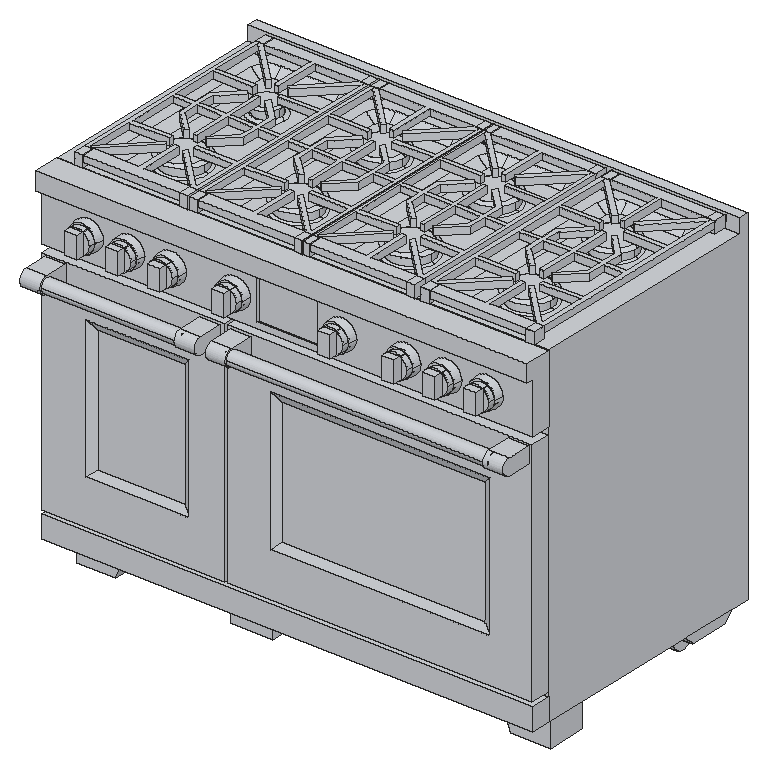
Revit family "DF48850_S_P", category Generic Models, Revit 2020
Family settings
  Can host rebar = No
  Round Connector Dimension = Use Diameter
  Part Type = Normal
  Work Plane-Based = No
  Always vertical = Yes
  Cut with Voids When Loaded = No
  Shared = No
  Room Calculation Point = No
Parameters
  Default Elevation = 0' - 0"
Reference planes (in)
  plane 1 "Center (Front/Back)": y = 0
  plane 2: z = 0
  plane 3 "Center (Left/Right)": x = 0
Forms (in)
  Extrusion 1, solid
    sketch origin (0, 0, 0) x (0, 1, 0) y (0, 0, 1)
      loop
        line (1.88976, 35.59055) -> (-0.70866, 35.59055) -> (-0.70866, 33.89764) -> (0, 33.89764) -> (0, 28.9252) -> (1.88976, 28.9252) -> (1.88976, 35.59055)
    from 0 to 47.87401
  Extrusion 2, solid
    sketch origin (0, 0, 0) x (0, 1, 0) y (0, 0, 1)
      loop
        line (26.14173, 36.9685) -> (25.15748, 36.9685) -> (25.15748, 35.59055) -> (1.9685, 35.59055) -> (1.9685, 3.14961) -> (26.14173, 3.14961) -> (26.14173, 36.9685)
    from 0 to 47.87401
  Extrusion 3, solid
    sketch origin (0, 0, 0) x (0, 1, 0) y (0, 0, 1)
      loop
        line (1.9685, 5.31496) -> (0, 5.31496) -> (0, 3.14961) -> (1.9685, 3.14961) -> (1.9685, 5.31496)
    from 0 to 47.87401
  Extrusion 4, solid
    sketch origin (0, 0, 0) x (0, 1, 0) y (0, 0, 1)
      loop
        line (0, 28.18898) -> (0, 5.70866) -> (1.9685, 5.70866) -> (1.9685, 28.18898) -> (0, 28.18898)
    from 0 to 17.79528
  Extrusion 5, solid
    sketch origin (0, 0, 0) x (0, 1, 0) y (0, 0, 1)
      loop
        line (0, 26.41732) -> (0, 27.99213) -> (-2.3622, 27.99213)
        arc (-2.3622, 27.99213) -> (-3.14961, 27.20472) -> (-2.3622, 26.41732) r 0.7874
        line (-2.3622, 26.41732) -> (0, 26.41732)
    from 0.40557 to 2.36419
  Extrusion 6, solid
    sketch origin (26.75, 0, 0) x (0, 1, 0) y (0, 0, 1)
      loop
        line (0, 26.41732) -> (0, 27.99213) -> (-2.3622, 27.99213)
        arc (-2.3622, 27.99213) -> (-3.14961, 27.20472) -> (-2.3622, 26.41732) r 0.7874
        line (-2.3622, 26.41732) -> (0, 26.41732)
    from -11.31693 to -9.35529
  Extrusion 7, solid
    sketch origin (0, 0, 0) x (0, 1, 0) y (0, 0, 1)
      loop
        circle (-2.41707, 27.24489) r 0.66649
    from 1.8261 to 15.89362
  Extrusion 8, solid
    sketch origin (0, 0, 0) x (1, 0, 0) y (0, 0, 1)
      loop
        line (0.84646, 3.14961) -> (0.84646, 0) -> (4.66535, 0) -> (5.90551, 3.14961) -> (0.84646, 3.14961)
    from -7.02923 to -3.18791
  Extrusion 9, solid
    sketch origin (17.99213, 0, 0) x (1, 0, 0) y (0, 0, 1)
      loop
        line (23.97638, 3.14961) -> (25.21654, 0) -> (29.03543, 0) -> (29.03543, 3.14961) -> (23.97638, 3.14961)
    from -7.02923 to -3.18791
  Extrusion 10, solid
    sketch origin (0, 0, 0) x (0, 1, 0) y (0, 0, 1)
      loop
        line (24.17323, 3.14961) -> (18.66142, 3.14961) -> (19.45248, 2.27893) -> (23.38927, 2.27893) -> (24.17323, 3.14961)
    from 0 to 4.72441
  Extrusion 11, solid
    sketch origin (0, 0, 0) x (0, 1, 0) y (0, 0, 1)
      loop
        line (22.5954, 2.27893) -> (20.23924, 2.27893) -> (21.02362, 1.10236) -> (21.81102, 1.10236) -> (22.5954, 2.27893)
    from 1.5748 to 3.93701
  Extrusion 12, solid
    sketch origin (0, 0, 0) x (0, 1, 0) y (0, 0, 1)
      loop
        circle (21.41732, 1.10236) r 1.1236
    from 2.55906 to 2.95276
  Extrusion 13, solid
    sketch origin (43.14961, 0, 0) x (0, 1, 0) y (0, 0, 1)
      loop
        line (24.17323, 3.14961) -> (18.66142, 3.14961) -> (19.45248, 2.27893) -> (23.38927, 2.27893) -> (24.17323, 3.14961)
    from 0 to 4.72441
  Extrusion 14, solid
    sketch origin (42.36522, 0, 0) x (0, 1, 0) y (0, 0, 1)
      loop
        line (22.5954, 2.27893) -> (20.23924, 2.27893) -> (21.02362, 1.10236) -> (21.81102, 1.10236) -> (22.5954, 2.27893)
    from 1.5748 to 3.93701
  Extrusion 15, solid
    sketch origin (42.36522, 0, 0) x (0, 1, 0) y (0, 0, 1)
      loop
        circle (21.41732, 1.10236) r 1.1236
    from 2.55906 to 2.95276
  Blend 16, solid
    base sketch origin (0.90551, 0, 0) x (1, 0, 0) y (0, 0, 1)
      loop
        circle (3.62205, 31.31299) r 1.45314
    top sketch origin (0.90551, 0, 0) x (1, 0, 0) y (0, 0, 1)
      loop
        circle (3.62205, 31.31299) r 1.33532
    from 0 to 0.7874
  Extrusion 17, solid
    sketch origin (0.90551, 0, 0) x (1, 0, 0) y (0, 0, 1)
      loop
        circle (3.62205, 31.31299) r 1.21601
    from 0 to 1.37795
  Extrusion 18, solid
    sketch origin (0.90551, 0, 0) x (1, 0, 0) y (0, 0, 1)
      loop
        line (3.0315, 32.37598) -> (3.0315, 30.29013) -> (4.2126, 30.29013) -> (4.2126, 32.37598) -> (3.0315, 32.37598)
    from 0 to 2.15573
  Blend 19, solid, not visible
    base sketch origin (0, 0, 0) x (1, 0, 0) y (0, 0, 1)
      loop
        circle (3.62205, 31.31299) r 1.45314
    top sketch origin (0, 0, 0) x (1, 0, 0) y (0, 0, 1)
      loop
        circle (3.62205, 31.31299) r 1.33532
    from 0 to 0.7874
  Extrusion 20, solid, not visible
    sketch origin (0, 0, 0) x (1, 0, 0) y (0, 0, 1)
      loop
        circle (3.62205, 31.31299) r 1.21601
    from 0 to 1.37795
  Extrusion 21, solid, not visible
    sketch origin (0, 0, 0) x (1, 0, 0) y (0, 0, 1)
      loop
        line (3.0315, 32.37598) -> (3.0315, 30.29013) -> (4.2126, 30.29013) -> (4.2126, 32.37598) -> (3.0315, 32.37598)
    from 0 to 2.15573
  Blend 22, solid
    base sketch origin (4.92126, 0, 0) x (1, 0, 0) y (0, 0, 1)
      loop
        circle (3.62205, 31.31299) r 1.45314
    top sketch origin (4.92126, 0, 0) x (1, 0, 0) y (0, 0, 1)
      loop
        circle (3.62205, 31.31299) r 1.33532
    from 0 to 0.7874
  Extrusion 23, solid
    sketch origin (4.92126, 0, 0) x (1, 0, 0) y (0, 0, 1)
      loop
        circle (3.62205, 31.31299) r 1.21601
    from 0 to 1.37795
  Extrusion 24, solid
    sketch origin (4.92126, 0, 0) x (1, 0, 0) y (0, 0, 1)
      loop
        line (3.0315, 32.37598) -> (3.0315, 30.29013) -> (4.2126, 30.29013) -> (4.2126, 32.37598) -> (3.0315, 32.37598)
    from 0 to 2.15573
  Blend 25, solid
    base sketch origin (9.00306, 0, 0) x (1, 0, 0) y (0, 0, 1)
      loop
        circle (3.62205, 31.31299) r 1.45314
    top sketch origin (9.00306, 0, 0) x (1, 0, 0) y (0, 0, 1)
      loop
        circle (3.62205, 31.31299) r 1.33532
    from 0 to 0.7874
  Extrusion 26, solid
    sketch origin (9.00306, 0, 0) x (1, 0, 0) y (0, 0, 1)
      loop
        circle (3.62205, 31.31299) r 1.21601
    from 0 to 1.37795
  Extrusion 27, solid
    sketch origin (9.00306, 0, 0) x (1, 0, 0) y (0, 0, 1)
      loop
        line (3.0315, 32.37598) -> (3.0315, 30.29013) -> (4.2126, 30.29013) -> (4.2126, 32.37598) -> (3.0315, 32.37598)
    from 0 to 2.15573
  Blend 28, solid
    base sketch origin (15.23622, 0, 0) x (1, 0, 0) y (0, 0, 1)
      loop
        circle (3.62205, 31.31299) r 1.45314
    top sketch origin (15.23622, 0, 0) x (1, 0, 0) y (0, 0, 1)
      loop
        circle (3.62205, 31.31299) r 1.33532
    from 0 to 0.7874
  Extrusion 29, solid
    sketch origin (15.23622, 0, 0) x (1, 0, 0) y (0, 0, 1)
      loop
        circle (3.62205, 31.31299) r 1.21601
    from 0 to 1.37795
  Extrusion 30, solid
    sketch origin (15.23622, 0, 0) x (1, 0, 0) y (0, 0, 1)
      loop
        line (3.0315, 32.37598) -> (3.0315, 30.29013) -> (4.2126, 30.29013) -> (4.2126, 32.37598) -> (3.0315, 32.37598)
    from 0 to 2.15573
  Blend 31, solid
    base sketch origin (25.59072, 0, 0) x (1, 0, 0) y (0, 0, 1)
      loop
        circle (3.62205, 31.31299) r 1.45314
    top sketch origin (25.59072, 0, 0) x (1, 0, 0) y (0, 0, 1)
      loop
        circle (3.62205, 31.31299) r 1.33532
    from 0 to 0.7874
  Extrusion 32, solid
    sketch origin (25.59072, 0, 0) x (1, 0, 0) y (0, 0, 1)
      loop
        circle (3.62205, 31.31299) r 1.21601
    from 0 to 1.37795
  Extrusion 33, solid
    sketch origin (25.59072, 0, 0) x (1, 0, 0) y (0, 0, 1)
      loop
        line (3.0315, 32.37598) -> (3.0315, 30.29013) -> (4.2126, 30.29013) -> (4.2126, 32.37598) -> (3.0315, 32.37598)
    from 0 to 2.15573
  Extrusion 34, void
    sketch origin (0, 0, 0) x (1, 0, 0) y (0, 0, 1)
      loop
        line (26.89068, 33.47638) -> (20.99005, 33.47638) -> (20.99005, 29.46063) -> (26.89068, 29.46063) -> (26.89068, 33.47638)
    from -0.22861 to 12
  Blend 35, void
    base sketch origin (0, 0, 0) x (1, 0, 0) y (0, 0, 1)
      loop
        line (5.09843, 23.05118) -> (5.09843, 10.84646) -> (13.58268, 10.84646) -> (13.58268, 23.05118) -> (5.09843, 23.05118)
    top sketch origin (0, 0, 0) x (1, 0, 0) y (0, 0, 1)
      loop
        line (14.37008, 23.83858) -> (4.31102, 23.83858) -> (4.31102, 10.05905) -> (14.37008, 10.05905) -> (14.37008, 23.83858)
    from -0.3937 to 0
  Blend 36, void
    base sketch origin (0.17716, 0, 0) x (1, 0, 0) y (0, 1, 0)
      loop
        arc (4.14855, 22.95276) -> (3.56747, 22.71206) -> (3.32677, 22.13098) r 0.82178
        line (3.32677, 22.13098) -> (3.32677, 4.8769)
        arc (3.32677, 4.8769) -> (3.56747, 4.29581) -> (4.14855, 4.05512) r 0.82178
        line (4.14855, 4.05512) -> (9.98531, 4.05512)
        arc (9.98531, 4.05512) -> (10.56639, 4.29581) -> (10.80709, 4.8769) r 0.82178
        line (10.80709, 4.8769) -> (10.80709, 22.13098)
        arc (10.80709, 22.13098) -> (10.56639, 22.71206) -> (9.98531, 22.95276) r 0.82178
        line (9.98531, 22.95276) -> (4.14855, 22.95276)
    top sketch origin (0.17716, 0, 0) x (1, 0, 0) y (0, 1, 0)
      loop
        arc (4.12346, 23.74016) -> (2.98272, 23.26764) -> (2.5102, 22.1269) r 1.61326
        line (2.5102, 22.1269) -> (2.5102, 4.8769)
        arc (2.5102, 4.8769) -> (2.98101, 3.74026) -> (4.11765, 3.26945) r 1.60744
        line (4.11765, 3.26945) -> (10.0306, 3.26945)
        arc (10.0306, 3.26945) -> (11.13644, 3.7275) -> (11.59449, 4.83334) r 1.56388
        line (11.59449, 4.83334) -> (11.59449, 22.13098)
        arc (11.59449, 22.13098) -> (11.12317, 23.26884) -> (9.98531, 23.74016) r 1.60918
        line (9.98531, 23.74016) -> (4.12346, 23.74016)
    from 34.80848 to 35.59055
  Extrusion 37, solid
    sketch origin (0.17716, 0, 0) x (1, 0, 0) y (0, 1, 0)
      loop
        line (1.55512, 25.15748) -> (1.55512, 1.88976) -> (12.57874, 1.88976) -> (12.57874, 25.15748) -> (1.55512, 25.15748)
      loop
        line (2.22659, 23.93701) -> (6.25887, 19.90473) -> (5.97639, 19.62225) -> (1.94342, 23.65522) -> (1.94342, 18.58268) -> (5.88583, 18.58268) -> (5.88583, 18.18898) -> (1.94342, 18.18898) -> (1.94342, 13.70079) -> (3.91732, 13.70079) -> (3.91732, 15.35713) -> (5.94192, 17.38172) -> (6.22031, 17.10333) -> (4.31102, 15.19405) -> (4.31102, 13.70079) -> (6.87008, 13.70079) -> (6.87008, 17.27886) -> (7.26545, 17.27886) -> (7.26545, 13.70079) -> (9.82036, 13.70079) -> (9.82036, 15.19738) -> (7.91548, 17.10225) -> (8.19345, 17.38021) -> (10.21654, 15.35713) -> (10.21654, 13.70079) -> (12.18504, 13.70079) -> (12.18504, 18.18898) -> (8.24803, 18.18898) -> (8.24803, 18.58268) -> (12.18504, 18.58268) -> (12.18504, 23.65908) -> (8.15161, 19.62565) -> (7.86344, 19.91382) -> (11.88664, 23.93701) -> (7.26378, 23.93701) -> (7.26378, 19.6063) -> (6.87008, 19.6063) -> (6.87008, 23.93701) -> (2.22659, 23.93701)
      loop
        line (9.82036, 11.79288) -> (9.82036, 13.30709) -> (7.26545, 13.30709) -> (7.26545, 9.74409) -> (6.87008, 9.74409) -> (6.87008, 13.30709) -> (4.31102, 13.30709) -> (4.31102, 11.81382) -> (6.22187, 9.90297) -> (5.94348, 9.62459) -> (3.91732, 11.65075) -> (3.91732, 13.31073) -> (1.94342, 13.31073) -> (1.94342, 8.38583) -> (5.88583, 8.38583) -> (5.88583, 7.99213) -> (1.94342, 7.99213) -> (1.94342, 3.37305) -> (5.97438, 7.40401) -> (6.26736, 7.11102) -> (2.22655, 3.07021) -> (6.86986, 3.07021) -> (6.86986, 7.40401) -> (7.26545, 7.40401) -> (7.26545, 3.07021) -> (11.90457, 3.07021) -> (7.84812, 7.12666) -> (8.11918, 7.39772) -> (12.18504, 3.33186) -> (12.18504, 7.99213) -> (8.24803, 7.99213) -> (8.24803, 8.38583) -> (12.18504, 8.38583) -> (12.18504, 13.30709) -> (10.21654, 13.30709) -> (10.21654, 11.65075) -> (8.19038, 9.62459) -> (7.92122, 9.89374) -> (9.82036, 11.79288)
    from 36.10253 to 36.77165
  Extrusion 38, solid
    sketch origin (0.17716, 0, 0) x (1, 0, 0) y (0, 1, 0)
      loop
        line (11.79134, 3.07021) -> (11.79134, 1.88976) -> (12.57874, 1.88976) -> (12.57874, 3.07021) -> (11.79134, 3.07021)
      loop
        line (12.57874, 25.11811) -> (11.79134, 25.11811) -> (11.79134, 23.93701) -> (12.57874, 23.93701) -> (12.57874, 25.11811)
      loop
        line (1.55512, 25.11811) -> (1.55512, 23.93701) -> (2.34252, 23.93701) -> (2.34252, 25.11811) -> (1.55512, 25.11811)
      loop
        line (2.34252, 3.07021) -> (1.55512, 3.07021) -> (1.55512, 1.88976) -> (2.34252, 1.88976) -> (2.34252, 3.07021)
    from 35.59055 to 36.77165
  Extrusion 39, solid
    sketch origin (33.91732, 0, 0) x (1, 0, 0) y (0, 1, 0)
      loop
        line (1.55512, 25.15748) -> (1.55512, 1.88976) -> (12.57874, 1.88976) -> (12.57874, 25.15748) -> (1.55512, 25.15748)
      loop
        line (2.22659, 23.93701) -> (6.25887, 19.90473) -> (5.97639, 19.62225) -> (1.94342, 23.65522) -> (1.94342, 18.58268) -> (5.88583, 18.58268) -> (5.88583, 18.18898) -> (1.94342, 18.18898) -> (1.94342, 13.70079) -> (3.91732, 13.70079) -> (3.91732, 15.35713) -> (5.94192, 17.38172) -> (6.22031, 17.10333) -> (4.31102, 15.19405) -> (4.31102, 13.70079) -> (6.87008, 13.70079) -> (6.87008, 17.27886) -> (7.26545, 17.27886) -> (7.26545, 13.70079) -> (9.82036, 13.70079) -> (9.82036, 15.19738) -> (7.91548, 17.10225) -> (8.19345, 17.38021) -> (10.21654, 15.35713) -> (10.21654, 13.70079) -> (12.18504, 13.70079) -> (12.18504, 18.18898) -> (8.24803, 18.18898) -> (8.24803, 18.58268) -> (12.18504, 18.58268) -> (12.18504, 23.65908) -> (8.15161, 19.62565) -> (7.86344, 19.91382) -> (11.88664, 23.93701) -> (7.26378, 23.93701) -> (7.26378, 19.6063) -> (6.87008, 19.6063) -> (6.87008, 23.93701) -> (2.22659, 23.93701)
      loop
        line (9.82036, 11.79288) -> (9.82036, 13.30709) -> (7.26545, 13.30709) -> (7.26545, 9.74409) -> (6.87008, 9.74409) -> (6.87008, 13.30709) -> (4.31102, 13.30709) -> (4.31102, 11.81382) -> (6.22187, 9.90297) -> (5.94348, 9.62459) -> (3.91732, 11.65075) -> (3.91732, 13.31073) -> (1.94342, 13.31073) -> (1.94342, 8.38583) -> (5.88583, 8.38583) -> (5.88583, 7.99213) -> (1.94342, 7.99213) -> (1.94342, 3.37305) -> (5.97438, 7.40401) -> (6.26736, 7.11102) -> (2.22655, 3.07021) -> (6.86986, 3.07021) -> (6.86986, 7.40401) -> (7.26545, 7.40401) -> (7.26545, 3.07021) -> (11.90457, 3.07021) -> (7.84812, 7.12666) -> (8.11918, 7.39772) -> (12.18504, 3.33186) -> (12.18504, 7.99213) -> (8.24803, 7.99213) -> (8.24803, 8.38583) -> (12.18504, 8.38583) -> (12.18504, 13.30709) -> (10.21654, 13.30709) -> (10.21654, 11.65075) -> (8.19038, 9.62459) -> (7.92122, 9.89374) -> (9.82036, 11.79288)
    from 36.10253 to 36.77165
  Extrusion 40, solid
    sketch origin (33.91732, 0, 0) x (1, 0, 0) y (0, 1, 0)
      loop
        line (11.79134, 3.07021) -> (11.79134, 1.88976) -> (12.57874, 1.88976) -> (12.57874, 3.07021) -> (11.79134, 3.07021)
      loop
        line (12.57874, 25.11811) -> (11.79134, 25.11811) -> (11.79134, 23.93701) -> (12.57874, 23.93701) -> (12.57874, 25.11811)
      loop
        line (1.55512, 25.11811) -> (1.55512, 23.93701) -> (2.34252, 23.93701) -> (2.34252, 25.11811) -> (1.55512, 25.11811)
      loop
        line (2.34252, 3.07021) -> (1.55512, 3.07021) -> (1.55512, 1.88976) -> (2.34252, 1.88976) -> (2.34252, 3.07021)
    from 35.59055 to 36.77165
  Blend 41, solid
    base sketch origin (0.17716, 0, 0) x (1, 0, 0) y (0, 1, 0)
      loop
        circle (7.09071, 18.35456) r 1.75898
    top sketch origin (0.17716, 0, 0) x (1, 0, 0) y (0, 1, 0)
      loop
        circle (7.09071, 18.35456) r 1.42487
    from 34.80848 to 34.99711
  Blend 42, solid
    base sketch origin (0.17716, -10.19685, 0) x (1, 0, 0) y (0, 1, 0)
      loop
        circle (7.09071, 18.35456) r 2.38325
    top sketch origin (0.17716, -10.19685, 0) x (1, 0, 0) y (0, 1, 0)
      loop
        circle (7.09071, 18.35456) r 2
    from 34.80848 to 34.99711
  Extrusion 43, solid
    sketch origin (0.17716, 0, 0) x (1, 0, 0) y (0, 1, 0)
      loop
        circle (7.10752, 18.34098) r 1.28657
    from 34.80848 to 35.7874
  Extrusion 44, solid
    sketch origin (0.17716, -10.19685, 0) x (1, 0, 0) y (0, 1, 0)
      loop
        circle (7.10752, 18.34098) r 2.08832
    from 34.80848 to 35.7874
  Blend 45, solid
    base sketch origin (0.17716, 0, 0.97892) x (1, 0, 0) y (0, 1, 0)
      loop
        circle (7.09071, 18.35456) r 1.42487
    top sketch origin (0.17716, 0, 0.97892) x (1, 0, 0) y (0, 1, 0)
      loop
        circle (7.09071, 18.35456) r 1.25
    from 34.80848 to 34.99711
  Blend 46, solid
    base sketch origin (0.17716, -10.19685, 0.97892) x (1, 0, 0) y (0, 1, 0)
      loop
        circle (7.09071, 18.35456) r 2.38325
    top sketch origin (0.17716, -10.19685, 0.97892) x (1, 0, 0) y (0, 1, 0)
      loop
        circle (7.09071, 18.35456) r 2
    from 34.80848 to 34.99711
  Blend 47, solid
    base sketch origin (33.91732, 0, 0) x (1, 0, 0) y (0, 1, 0)
      loop
        circle (7.09071, 18.35456) r 2.38325
    top sketch origin (33.91732, 0, 0) x (1, 0, 0) y (0, 1, 0)
      loop
        circle (7.09071, 18.35456) r 2
    from 34.80848 to 34.99711
  Extrusion 48, solid
    sketch origin (33.91732, 0, 0) x (1, 0, 0) y (0, 1, 0)
      loop
        circle (7.10752, 18.34098) r 2.08832
    from 34.80848 to 35.7874
  Blend 49, solid
    base sketch origin (33.91732, 0, 0.97892) x (1, 0, 0) y (0, 1, 0)
      loop
        circle (7.09071, 18.35456) r 2.38325
    top sketch origin (33.91732, 0, 0.97892) x (1, 0, 0) y (0, 1, 0)
      loop
        circle (7.09071, 18.35456) r 2
    from 34.80848 to 34.99711
  Blend 50, solid
    base sketch origin (33.91732, -10.19685, 0) x (1, 0, 0) y (0, 1, 0)
      loop
        circle (7.09071, 18.35456) r 2.38325
    top sketch origin (33.91732, -10.19685, 0) x (1, 0, 0) y (0, 1, 0)
      loop
        circle (7.09071, 18.35456) r 2
    from 34.80848 to 34.99711
  Extrusion 51, solid
    sketch origin (33.91732, -10.19685, 0) x (1, 0, 0) y (0, 1, 0)
      loop
        circle (7.10752, 18.34098) r 2.08832
    from 34.80848 to 35.7874
  Blend 52, solid
    base sketch origin (33.91732, -10.19685, 0.97892) x (1, 0, 0) y (0, 1, 0)
      loop
        circle (7.09071, 18.35456) r 2.38325
    top sketch origin (33.91732, -10.19685, 0.97892) x (1, 0, 0) y (0, 1, 0)
      loop
        circle (7.09071, 18.35456) r 2
    from 34.80848 to 34.99711
  Extrusion 53, solid
    sketch origin (15.82677, 0, 0) x (0, 1, 0) y (0, 0, 1)
      loop
        line (24.17323, 3.14961) -> (18.66142, 3.14961) -> (19.45248, 2.27893) -> (23.38927, 2.27893) -> (24.17323, 3.14961)
    from -0.7874 to 4.72441
  Extrusion 54, solid
    sketch origin (15.03937, 0, 0) x (0, 1, 0) y (0, 0, 1)
      loop
        line (22.5954, 2.27893) -> (20.23924, 2.27893) -> (21.02362, 1.10236) -> (21.81102, 1.10236) -> (22.5954, 2.27893)
    from 1.5748 to 3.93701
  Extrusion 55, solid
    sketch origin (15.03937, 0, 0) x (0, 1, 0) y (0, 0, 1)
      loop
        circle (21.41732, 1.10236) r 1.1236
    from 2.55906 to 2.95276
  Extrusion 56, solid
    sketch origin (0, 0, 0) x (1, 0, 0) y (0, 0, 1)
      loop
        line (15.82677, 0) -> (19.96063, 0) -> (19.96063, 3.14961) -> (15.82677, 3.14961) -> (15.82677, 0)
    from -7.02923 to -3.18791
  Extrusion 57, solid
    sketch origin (30, 0, 0) x (0, 1, 0) y (0, 0, 1)
      loop
        line (0, 28.18898) -> (0, 5.70866) -> (1.9685, 5.70866) -> (1.9685, 28.18898) -> (0, 28.18898)
    from -11.88976 to 17.79528
  Blend 58, void
    base sketch origin (30, 0, 0) x (1, 0, 0) y (0, 0, 1)
      loop
        line (-6.90945, 23.05118) -> (-6.90945, 10.84646) -> (12.8937, 10.84646) -> (12.8937, 23.05118) -> (-6.90945, 23.05118)
    top sketch origin (30, 0, 0) x (1, 0, 0) y (0, 0, 1)
      loop
        line (13.6811, 23.83858) -> (-7.69685, 23.83858) -> (-7.69685, 10.05905) -> (13.6811, 10.05905) -> (13.6811, 23.83858)
    from -0.3937 to 0
  Extrusion 59, solid
    sketch origin (30.06421, 0, 0) x (0, 1, 0) y (0, 0, 1)
      loop
        line (0, 26.41732) -> (0, 27.99213) -> (-2.3622, 27.99213)
        arc (-2.3622, 27.99213) -> (-3.14961, 27.20472) -> (-2.3622, 26.41732) r 0.7874
        line (-2.3622, 26.41732) -> (0, 26.41732)
    from -11.59142 to -9.6695
  Extrusion 60, solid
    sketch origin (56.81421, 0, 0) x (0, 1, 0) y (0, 0, 1)
      loop
        line (0, 26.41732) -> (0, 27.99213) -> (-2.3622, 27.99213)
        arc (-2.3622, 27.99213) -> (-3.14961, 27.20472) -> (-2.3622, 26.41732) r 0.7874
        line (-2.3622, 26.41732) -> (0, 26.41732)
    from -11.31693 to -9.35529
  Extrusion 61, solid
    sketch origin (30.06421, 0, 0) x (0, 1, 0) y (0, 0, 1)
      loop
        circle (-2.41707, 27.24489) r 0.66649
    from -9.85108 to 15.89362
  Blend 62, solid
    base sketch origin (31.84072, 0, 0) x (1, 0, 0) y (0, 0, 1)
      loop
        circle (3.62205, 31.31299) r 1.45314
    top sketch origin (31.84072, 0, 0) x (1, 0, 0) y (0, 0, 1)
      loop
        circle (3.62205, 31.31299) r 1.33532
    from 0 to 0.7874
  Extrusion 63, solid
    sketch origin (31.84072, 0, 0) x (1, 0, 0) y (0, 0, 1)
      loop
        circle (3.62205, 31.31299) r 1.21601
    from 0 to 1.37795
  Extrusion 64, solid
    sketch origin (31.84072, 0, 0) x (1, 0, 0) y (0, 0, 1)
      loop
        line (3.0315, 32.37598) -> (3.0315, 30.29013) -> (4.2126, 30.29013) -> (4.2126, 32.37598) -> (3.0315, 32.37598)
    from 0 to 2.15573
  Blend 65, solid
    base sketch origin (35.84072, 0, 0) x (1, 0, 0) y (0, 0, 1)
      loop
        circle (3.62205, 31.31299) r 1.45314
    top sketch origin (35.84072, 0, 0) x (1, 0, 0) y (0, 0, 1)
      loop
        circle (3.62205, 31.31299) r 1.33532
    from 0 to 0.7874
  Extrusion 66, solid
    sketch origin (35.84072, 0, 0) x (1, 0, 0) y (0, 0, 1)
      loop
        circle (3.62205, 31.31299) r 1.21601
    from 0 to 1.37795
  Extrusion 67, solid
    sketch origin (35.84072, 0, 0) x (1, 0, 0) y (0, 0, 1)
      loop
        line (3.0315, 32.37598) -> (3.0315, 30.29013) -> (4.2126, 30.29013) -> (4.2126, 32.37598) -> (3.0315, 32.37598)
    from 0 to 2.15573
  Blend 68, solid
    base sketch origin (39.84072, 0, 0) x (1, 0, 0) y (0, 0, 1)
      loop
        circle (3.62205, 31.31299) r 1.45314
    top sketch origin (39.84072, 0, 0) x (1, 0, 0) y (0, 0, 1)
      loop
        circle (3.62205, 31.31299) r 1.33532
    from 0 to 0.7874
  Extrusion 69, solid
    sketch origin (39.84072, 0, 0) x (1, 0, 0) y (0, 0, 1)
      loop
        circle (3.62205, 31.31299) r 1.21601
    from 0 to 1.37795
  Extrusion 70, solid
    sketch origin (39.84072, 0, 0) x (1, 0, 0) y (0, 0, 1)
      loop
        line (3.0315, 32.37598) -> (3.0315, 30.29013) -> (4.2126, 30.29013) -> (4.2126, 32.37598) -> (3.0315, 32.37598)
    from 0 to 2.15573
  Blend 71, void
    base sketch origin (33.91732, 0, 0) x (1, 0, 0) y (0, 1, 0)
      loop
        arc (4.14855, 22.95276) -> (3.56747, 22.71206) -> (3.32677, 22.13098) r 0.82178
        line (3.32677, 22.13098) -> (3.32677, 4.8769)
        arc (3.32677, 4.8769) -> (3.56747, 4.29581) -> (4.14855, 4.05512) r 0.82178
        line (4.14855, 4.05512) -> (9.98531, 4.05512)
        arc (9.98531, 4.05512) -> (10.56639, 4.29581) -> (10.80709, 4.8769) r 0.82178
        line (10.80709, 4.8769) -> (10.80709, 22.13098)
        arc (10.80709, 22.13098) -> (10.56639, 22.71206) -> (9.98531, 22.95276) r 0.82178
        line (9.98531, 22.95276) -> (4.14855, 22.95276)
    top sketch origin (33.91732, 0, 0) x (1, 0, 0) y (0, 1, 0)
      loop
        arc (4.12346, 23.74016) -> (2.98272, 23.26764) -> (2.5102, 22.1269) r 1.61326
        line (2.5102, 22.1269) -> (2.5102, 4.8769)
        arc (2.5102, 4.8769) -> (2.98101, 3.74026) -> (4.11765, 3.26945) r 1.60744
        line (4.11765, 3.26945) -> (10.0306, 3.26945)
        arc (10.0306, 3.26945) -> (11.13644, 3.7275) -> (11.59449, 4.83334) r 1.56388
        line (11.59449, 4.83334) -> (11.59449, 22.13098)
        arc (11.59449, 22.13098) -> (11.12317, 23.26884) -> (9.98531, 23.74016) r 1.60918
        line (9.98531, 23.74016) -> (4.12346, 23.74016)
    from 34.80848 to 35.59055
  Blend 72, void, not visible
    base sketch origin (-0.55118, 0, 0) x (1, 0, 0) y (0, 1, 0)
      loop
        arc (4.14855, 22.95276) -> (3.56747, 22.71206) -> (3.32677, 22.13098) r 0.82178
        line (3.32677, 22.13098) -> (3.32677, 4.8769)
        arc (3.32677, 4.8769) -> (3.56747, 4.29581) -> (4.14855, 4.05512) r 0.82178
        line (4.14855, 4.05512) -> (9.98531, 4.05512)
        arc (9.98531, 4.05512) -> (10.56639, 4.29581) -> (10.80709, 4.8769) r 0.82178
        line (10.80709, 4.8769) -> (10.80709, 22.13098)
        arc (10.80709, 22.13098) -> (10.56639, 22.71206) -> (9.98531, 22.95276) r 0.82178
        line (9.98531, 22.95276) -> (4.14855, 22.95276)
    top sketch origin (-0.55118, 0, 0) x (1, 0, 0) y (0, 1, 0)
      loop
        arc (4.12346, 23.74016) -> (2.98272, 23.26764) -> (2.5102, 22.1269) r 1.61326
        line (2.5102, 22.1269) -> (2.5102, 4.8769)
        arc (2.5102, 4.8769) -> (2.98101, 3.74026) -> (4.11765, 3.26945) r 1.60744
        line (4.11765, 3.26945) -> (10.0306, 3.26945)
        arc (10.0306, 3.26945) -> (11.13644, 3.7275) -> (11.59449, 4.83334) r 1.56388
        line (11.59449, 4.83334) -> (11.59449, 22.13098)
        arc (11.59449, 22.13098) -> (11.12317, 23.26884) -> (9.98531, 23.74016) r 1.60918
        line (9.98531, 23.74016) -> (4.12346, 23.74016)
    from 34.80848 to 35.59055
  Extrusion 73, solid, not visible
    sketch origin (-0.55118, 0, 0) x (1, 0, 0) y (0, 1, 0)
      loop
        line (1.55512, 25.15748) -> (1.55512, 1.88976) -> (12.57874, 1.88976) -> (12.57874, 25.15748) -> (1.55512, 25.15748)
      loop
        line (2.22659, 23.93701) -> (6.25887, 19.90473) -> (5.97639, 19.62225) -> (1.94342, 23.65522) -> (1.94342, 18.58268) -> (5.88583, 18.58268) -> (5.88583, 18.18898) -> (1.94342, 18.18898) -> (1.94342, 13.70079) -> (3.91732, 13.70079) -> (3.91732, 15.35713) -> (5.94192, 17.38172) -> (6.22031, 17.10333) -> (4.31102, 15.19405) -> (4.31102, 13.70079) -> (6.87008, 13.70079) -> (6.87008, 17.27886) -> (7.26545, 17.27886) -> (7.26545, 13.70079) -> (9.82036, 13.70079) -> (9.82036, 15.19738) -> (7.91548, 17.10225) -> (8.19345, 17.38021) -> (10.21654, 15.35713) -> (10.21654, 13.70079) -> (12.18504, 13.70079) -> (12.18504, 18.18898) -> (8.24803, 18.18898) -> (8.24803, 18.58268) -> (12.18504, 18.58268) -> (12.18504, 23.65908) -> (8.15161, 19.62565) -> (7.86344, 19.91382) -> (11.88664, 23.93701) -> (7.26378, 23.93701) -> (7.26378, 19.6063) -> (6.87008, 19.6063) -> (6.87008, 23.93701) -> (2.22659, 23.93701)
      loop
        line (9.82036, 11.79288) -> (9.82036, 13.30709) -> (7.26545, 13.30709) -> (7.26545, 9.74409) -> (6.87008, 9.74409) -> (6.87008, 13.30709) -> (4.31102, 13.30709) -> (4.31102, 11.81382) -> (6.22187, 9.90297) -> (5.94348, 9.62459) -> (3.91732, 11.65075) -> (3.91732, 13.31073) -> (1.94342, 13.31073) -> (1.94342, 8.38583) -> (5.88583, 8.38583) -> (5.88583, 7.99213) -> (1.94342, 7.99213) -> (1.94342, 3.37305) -> (5.97438, 7.40401) -> (6.26736, 7.11102) -> (2.22655, 3.07021) -> (6.86986, 3.07021) -> (6.86986, 7.40401) -> (7.26545, 7.40401) -> (7.26545, 3.07021) -> (11.90457, 3.07021) -> (7.84812, 7.12666) -> (8.11918, 7.39772) -> (12.18504, 3.33186) -> (12.18504, 7.99213) -> (8.24803, 7.99213) -> (8.24803, 8.38583) -> (12.18504, 8.38583) -> (12.18504, 13.30709) -> (10.21654, 13.30709) -> (10.21654, 11.65075) -> (8.19038, 9.62459) -> (7.92122, 9.89374) -> (9.82036, 11.79288)
    from 36.10253 to 36.77165
  Extrusion 74, solid, not visible
    sketch origin (-0.55118, 0, 0) x (1, 0, 0) y (0, 1, 0)
      loop
        line (11.79134, 3.07021) -> (11.79134, 1.88976) -> (12.57874, 1.88976) -> (12.57874, 3.07021) -> (11.79134, 3.07021)
      loop
        line (12.57874, 25.11811) -> (11.79134, 25.11811) -> (11.79134, 23.93701) -> (12.57874, 23.93701) -> (12.57874, 25.11811)
      loop
        line (1.55512, 25.11811) -> (1.55512, 23.93701) -> (2.34252, 23.93701) -> (2.34252, 25.11811) -> (1.55512, 25.11811)
      loop
        line (2.34252, 3.07021) -> (1.55512, 3.07021) -> (1.55512, 1.88976) -> (2.34252, 1.88976) -> (2.34252, 3.07021)
    from 35.59055 to 36.77165
  Blend 75, solid, not visible
    base sketch origin (-0.55118, 0, 0) x (1, 0, 0) y (0, 1, 0)
      loop
        circle (7.09071, 18.35456) r 1.75898
    top sketch origin (-0.55118, 0, 0) x (1, 0, 0) y (0, 1, 0)
      loop
        circle (7.09071, 18.35456) r 1.42487
    from 34.80848 to 34.99711
  Blend 76, solid, not visible
    base sketch origin (-0.55118, -10.19685, 0) x (1, 0, 0) y (0, 1, 0)
      loop
        circle (7.09071, 18.35456) r 2.38325
    top sketch origin (-0.55118, -10.19685, 0) x (1, 0, 0) y (0, 1, 0)
      loop
        circle (7.09071, 18.35456) r 2
    from 34.80848 to 34.99711
  Extrusion 77, solid, not visible
    sketch origin (-0.55118, 0, 0) x (1, 0, 0) y (0, 1, 0)
      loop
        circle (7.10752, 18.34098) r 1.28657
    from 34.80848 to 35.7874
  Extrusion 78, solid, not visible
    sketch origin (-0.55118, -10.19685, 0) x (1, 0, 0) y (0, 1, 0)
      loop
        circle (7.10752, 18.34098) r 2.08832
    from 34.80848 to 35.7874
  Blend 79, solid, not visible
    base sketch origin (-0.55118, 0, 0.97892) x (1, 0, 0) y (0, 1, 0)
      loop
        circle (7.09071, 18.35456) r 1.42487
    top sketch origin (-0.55118, 0, 0.97892) x (1, 0, 0) y (0, 1, 0)
      loop
        circle (7.09071, 18.35456) r 1.25
    from 34.80848 to 34.99711
  Blend 80, solid, not visible
    base sketch origin (-0.55118, -10.19685, 0.97892) x (1, 0, 0) y (0, 1, 0)
      loop
        circle (7.09071, 18.35456) r 2.38325
    top sketch origin (-0.55118, -10.19685, 0.97892) x (1, 0, 0) y (0, 1, 0)
      loop
        circle (7.09071, 18.35456) r 2
    from 34.80848 to 34.99711
  Blend 81, void
    base sketch origin (22.30512, 0, 0) x (1, 0, 0) y (0, 1, 0)
      loop
        arc (4.14855, 22.95276) -> (3.56747, 22.71206) -> (3.32677, 22.13098) r 0.82178
        line (3.32677, 22.13098) -> (3.32677, 4.8769)
        arc (3.32677, 4.8769) -> (3.56747, 4.29581) -> (4.14855, 4.05512) r 0.82178
        line (4.14855, 4.05512) -> (9.98531, 4.05512)
        arc (9.98531, 4.05512) -> (10.56639, 4.29581) -> (10.80709, 4.8769) r 0.82178
        line (10.80709, 4.8769) -> (10.80709, 22.13098)
        arc (10.80709, 22.13098) -> (10.56639, 22.71206) -> (9.98531, 22.95276) r 0.82178
        line (9.98531, 22.95276) -> (4.14855, 22.95276)
    top sketch origin (22.30512, 0, 0) x (1, 0, 0) y (0, 1, 0)
      loop
        arc (4.12346, 23.74016) -> (2.98272, 23.26764) -> (2.5102, 22.1269) r 1.61326
        line (2.5102, 22.1269) -> (2.5102, 4.8769)
        arc (2.5102, 4.8769) -> (2.98101, 3.74026) -> (4.11765, 3.26945) r 1.60744
        line (4.11765, 3.26945) -> (10.0306, 3.26945)
        arc (10.0306, 3.26945) -> (11.13644, 3.7275) -> (11.59449, 4.83334) r 1.56388
        line (11.59449, 4.83334) -> (11.59449, 22.13098)
        arc (11.59449, 22.13098) -> (11.12317, 23.26884) -> (9.98531, 23.74016) r 1.60918
        line (9.98531, 23.74016) -> (4.12346, 23.74016)
    from 34.80848 to 35.59055
  Extrusion 82, solid
    sketch origin (22.30512, 0, 0) x (1, 0, 0) y (0, 1, 0)
      loop
        line (11.79134, 3.07021) -> (11.79134, 1.88976) -> (12.57874, 1.88976) -> (12.57874, 3.07021) -> (11.79134, 3.07021)
      loop
        line (12.57874, 25.11811) -> (11.79134, 25.11811) -> (11.79134, 23.93701) -> (12.57874, 23.93701) -> (12.57874, 25.11811)
      loop
        line (1.55512, 25.11811) -> (1.55512, 23.93701) -> (2.34252, 23.93701) -> (2.34252, 25.11811) -> (1.55512, 25.11811)
      loop
        line (2.34252, 3.07021) -> (1.55512, 3.07021) -> (1.55512, 1.88976) -> (2.34252, 1.88976) -> (2.34252, 3.07021)
    from 35.59055 to 36.77165
  Extrusion 83, solid
    sketch origin (22.30512, -10.19685, 0) x (1, 0, 0) y (0, 1, 0)
      loop
        circle (7.10752, 18.34098) r 2.08832
    from 34.80848 to 35.7874
  Extrusion 84, solid
    sketch origin (22.30512, 0, 0) x (1, 0, 0) y (0, 1, 0)
      loop
        line (1.55512, 25.15748) -> (1.55512, 1.88976) -> (12.57874, 1.88976) -> (12.57874, 25.15748) -> (1.55512, 25.15748)
      loop
        line (2.22659, 23.93701) -> (6.25887, 19.90473) -> (5.97639, 19.62225) -> (1.94342, 23.65522) -> (1.94342, 18.58268) -> (5.88583, 18.58268) -> (5.88583, 18.18898) -> (1.94342, 18.18898) -> (1.94342, 13.70079) -> (3.91732, 13.70079) -> (3.91732, 15.35713) -> (5.94192, 17.38172) -> (6.22031, 17.10333) -> (4.31102, 15.19405) -> (4.31102, 13.70079) -> (6.87008, 13.70079) -> (6.87008, 17.27886) -> (7.26545, 17.27886) -> (7.26545, 13.70079) -> (9.82036, 13.70079) -> (9.82036, 15.19738) -> (7.91548, 17.10225) -> (8.19345, 17.38021) -> (10.21654, 15.35713) -> (10.21654, 13.70079) -> (12.18504, 13.70079) -> (12.18504, 18.18898) -> (8.24803, 18.18898) -> (8.24803, 18.58268) -> (12.18504, 18.58268) -> (12.18504, 23.65908) -> (8.15161, 19.62565) -> (7.86344, 19.91382) -> (11.88664, 23.93701) -> (7.26378, 23.93701) -> (7.26378, 19.6063) -> (6.87008, 19.6063) -> (6.87008, 23.93701) -> (2.22659, 23.93701)
      loop
        line (9.82036, 11.79288) -> (9.82036, 13.30709) -> (7.26545, 13.30709) -> (7.26545, 9.74409) -> (6.87008, 9.74409) -> (6.87008, 13.30709) -> (4.31102, 13.30709) -> (4.31102, 11.81382) -> (6.22187, 9.90297) -> (5.94348, 9.62459) -> (3.91732, 11.65075) -> (3.91732, 13.31073) -> (1.94342, 13.31073) -> (1.94342, 8.38583) -> (5.88583, 8.38583) -> (5.88583, 7.99213) -> (1.94342, 7.99213) -> (1.94342, 3.37305) -> (5.97438, 7.40401) -> (6.26736, 7.11102) -> (2.22655, 3.07021) -> (6.86986, 3.07021) -> (6.86986, 7.40401) -> (7.26545, 7.40401) -> (7.26545, 3.07021) -> (11.90457, 3.07021) -> (7.84812, 7.12666) -> (8.11918, 7.39772) -> (12.18504, 3.33186) -> (12.18504, 7.99213) -> (8.24803, 7.99213) -> (8.24803, 8.38583) -> (12.18504, 8.38583) -> (12.18504, 13.30709) -> (10.21654, 13.30709) -> (10.21654, 11.65075) -> (8.19038, 9.62459) -> (7.92122, 9.89374) -> (9.82036, 11.79288)
    from 36.10253 to 36.77165
  Blend 85, solid
    base sketch origin (22.30512, 0, 0) x (1, 0, 0) y (0, 1, 0)
      loop
        circle (7.09071, 18.35456) r 2.38325
    top sketch origin (22.30512, 0, 0) x (1, 0, 0) y (0, 1, 0)
      loop
        circle (7.09071, 18.35456) r 2
    from 34.80848 to 34.99711
  Extrusion 86, solid
    sketch origin (22.30512, 0, 0) x (1, 0, 0) y (0, 1, 0)
      loop
        circle (7.10752, 18.34098) r 2.08832
    from 34.80848 to 35.7874
  Blend 87, solid
    base sketch origin (22.30512, 0, 0.97892) x (1, 0, 0) y (0, 1, 0)
      loop
        circle (7.09071, 18.35456) r 2.38325
    top sketch origin (22.30512, 0, 0.97892) x (1, 0, 0) y (0, 1, 0)
      loop
        circle (7.09071, 18.35456) r 2
    from 34.80848 to 34.99711
  Blend 88, solid
    base sketch origin (22.30512, -10.19685, 0) x (1, 0, 0) y (0, 1, 0)
      loop
        circle (7.09071, 18.35456) r 2.38325
    top sketch origin (22.30512, -10.19685, 0) x (1, 0, 0) y (0, 1, 0)
      loop
        circle (7.09071, 18.35456) r 2
    from 34.80848 to 34.99711
  Extrusion 89, solid
    sketch origin (22.30512, -10.19685, 0) x (1, 0, 0) y (0, 1, 0)
      loop
        circle (7.10752, 18.34098) r 2.08832
    from 34.80848 to 35.7874
  Blend 90, solid
    base sketch origin (22.30512, -10.19685, 0.97892) x (1, 0, 0) y (0, 1, 0)
      loop
        circle (7.09071, 18.35456) r 2.38325
    top sketch origin (22.30512, -10.19685, 0.97892) x (1, 0, 0) y (0, 1, 0)
      loop
        circle (7.09071, 18.35456) r 2
    from 34.80848 to 34.99711
  Extrusion 91, solid
    sketch origin (11.36149, 0, 0) x (1, 0, 0) y (0, 1, 0)
      loop
        line (11.79134, 3.07021) -> (11.79134, 1.88976) -> (12.57874, 1.88976) -> (12.57874, 3.07021) -> (11.79134, 3.07021)
      loop
        line (12.57874, 25.11811) -> (11.79134, 25.11811) -> (11.79134, 23.93701) -> (12.57874, 23.93701) -> (12.57874, 25.11811)
      loop
        line (1.55512, 25.11811) -> (1.55512, 23.93701) -> (2.34252, 23.93701) -> (2.34252, 25.11811) -> (1.55512, 25.11811)
      loop
        line (2.34252, 3.07021) -> (1.55512, 3.07021) -> (1.55512, 1.88976) -> (2.34252, 1.88976) -> (2.34252, 3.07021)
    from 35.59055 to 36.77165
  Extrusion 92, solid
    sketch origin (11.36149, -10.19685, 0) x (1, 0, 0) y (0, 1, 0)
      loop
        circle (7.10752, 18.34098) r 2.08832
    from 34.80848 to 35.7874
  Extrusion 93, solid
    sketch origin (11.36149, 0, 0) x (1, 0, 0) y (0, 1, 0)
      loop
        line (1.55512, 25.15748) -> (1.55512, 1.88976) -> (12.57874, 1.88976) -> (12.57874, 25.15748) -> (1.55512, 25.15748)
      loop
        line (2.22659, 23.93701) -> (6.25887, 19.90473) -> (5.97639, 19.62225) -> (1.94342, 23.65522) -> (1.94342, 18.58268) -> (5.88583, 18.58268) -> (5.88583, 18.18898) -> (1.94342, 18.18898) -> (1.94342, 13.70079) -> (3.91732, 13.70079) -> (3.91732, 15.35713) -> (5.94192, 17.38172) -> (6.22031, 17.10333) -> (4.31102, 15.19405) -> (4.31102, 13.70079) -> (6.87008, 13.70079) -> (6.87008, 17.27886) -> (7.26545, 17.27886) -> (7.26545, 13.70079) -> (9.82036, 13.70079) -> (9.82036, 15.19738) -> (7.91548, 17.10225) -> (8.19345, 17.38021) -> (10.21654, 15.35713) -> (10.21654, 13.70079) -> (12.18504, 13.70079) -> (12.18504, 18.18898) -> (8.24803, 18.18898) -> (8.24803, 18.58268) -> (12.18504, 18.58268) -> (12.18504, 23.65908) -> (8.15161, 19.62565) -> (7.86344, 19.91382) -> (11.88664, 23.93701) -> (7.26378, 23.93701) -> (7.26378, 19.6063) -> (6.87008, 19.6063) -> (6.87008, 23.93701) -> (2.22659, 23.93701)
      loop
        line (9.82036, 11.79288) -> (9.82036, 13.30709) -> (7.26545, 13.30709) -> (7.26545, 9.74409) -> (6.87008, 9.74409) -> (6.87008, 13.30709) -> (4.31102, 13.30709) -> (4.31102, 11.81382) -> (6.22187, 9.90297) -> (5.94348, 9.62459) -> (3.91732, 11.65075) -> (3.91732, 13.31073) -> (1.94342, 13.31073) -> (1.94342, 8.38583) -> (5.88583, 8.38583) -> (5.88583, 7.99213) -> (1.94342, 7.99213) -> (1.94342, 3.37305) -> (5.97438, 7.40401) -> (6.26736, 7.11102) -> (2.22655, 3.07021) -> (6.86986, 3.07021) -> (6.86986, 7.40401) -> (7.26545, 7.40401) -> (7.26545, 3.07021) -> (11.90457, 3.07021) -> (7.84812, 7.12666) -> (8.11918, 7.39772) -> (12.18504, 3.33186) -> (12.18504, 7.99213) -> (8.24803, 7.99213) -> (8.24803, 8.38583) -> (12.18504, 8.38583) -> (12.18504, 13.30709) -> (10.21654, 13.30709) -> (10.21654, 11.65075) -> (8.19038, 9.62459) -> (7.92122, 9.89374) -> (9.82036, 11.79288)
    from 36.10253 to 36.77165
  Blend 94, solid
    base sketch origin (11.36149, 0, 0) x (1, 0, 0) y (0, 1, 0)
      loop
        circle (7.09071, 18.35456) r 2.38325
    top sketch origin (11.36149, 0, 0) x (1, 0, 0) y (0, 1, 0)
      loop
        circle (7.09071, 18.35456) r 2
    from 34.80848 to 34.99711
  Extrusion 95, solid
    sketch origin (11.36149, 0, 0) x (1, 0, 0) y (0, 1, 0)
      loop
        circle (7.10752, 18.34098) r 2.08832
    from 34.80848 to 35.7874
  Blend 96, solid
    base sketch origin (11.36149, 0, 0.97892) x (1, 0, 0) y (0, 1, 0)
      loop
        circle (7.09071, 18.35456) r 2.38325
    top sketch origin (11.36149, 0, 0.97892) x (1, 0, 0) y (0, 1, 0)
      loop
        circle (7.09071, 18.35456) r 2
    from 34.80848 to 34.99711
  Blend 97, solid
    base sketch origin (11.36149, -10.19685, 0) x (1, 0, 0) y (0, 1, 0)
      loop
        circle (7.09071, 18.35456) r 2.38325
    top sketch origin (11.36149, -10.19685, 0) x (1, 0, 0) y (0, 1, 0)
      loop
        circle (7.09071, 18.35456) r 2
    from 34.80848 to 34.99711
  Extrusion 98, solid
    sketch origin (11.36149, -10.19685, 0) x (1, 0, 0) y (0, 1, 0)
      loop
        circle (7.10752, 18.34098) r 2.08832
    from 34.80848 to 35.7874
  Blend 99, solid
    base sketch origin (11.36149, -10.19685, 0.97892) x (1, 0, 0) y (0, 1, 0)
      loop
        circle (7.09071, 18.35456) r 2.38325
    top sketch origin (11.36149, -10.19685, 0.97892) x (1, 0, 0) y (0, 1, 0)
      loop
        circle (7.09071, 18.35456) r 2
    from 34.80848 to 34.99711
  Blend 100, void
    base sketch origin (11.36149, 0, 0) x (1, 0, 0) y (0, 1, 0)
      loop
        arc (4.14855, 22.95276) -> (3.56747, 22.71206) -> (3.32677, 22.13098) r 0.82178
        line (3.32677, 22.13098) -> (3.32677, 4.8769)
        arc (3.32677, 4.8769) -> (3.56747, 4.29581) -> (4.14855, 4.05512) r 0.82178
        line (4.14855, 4.05512) -> (9.98531, 4.05512)
        arc (9.98531, 4.05512) -> (10.56639, 4.29581) -> (10.80709, 4.8769) r 0.82178
        line (10.80709, 4.8769) -> (10.80709, 22.13098)
        arc (10.80709, 22.13098) -> (10.56639, 22.71206) -> (9.98531, 22.95276) r 0.82178
        line (9.98531, 22.95276) -> (4.14855, 22.95276)
    top sketch origin (11.36149, 0, 0) x (1, 0, 0) y (0, 1, 0)
      loop
        arc (4.12346, 23.74016) -> (2.98272, 23.26764) -> (2.5102, 22.1269) r 1.61326
        line (2.5102, 22.1269) -> (2.5102, 4.8769)
        arc (2.5102, 4.8769) -> (2.98101, 3.74026) -> (4.11765, 3.26945) r 1.60744
        line (4.11765, 3.26945) -> (10.0306, 3.26945)
        arc (10.0306, 3.26945) -> (11.13644, 3.7275) -> (11.59449, 4.83334) r 1.56388
        line (11.59449, 4.83334) -> (11.59449, 22.13098)
        arc (11.59449, 22.13098) -> (11.12317, 23.26884) -> (9.98531, 23.74016) r 1.60918
        line (9.98531, 23.74016) -> (4.12346, 23.74016)
    from 34.80848 to 35.59055
Cuts and joins
  Extrusion 34 cuts Extrusion 1
  Blend 35, Blend 58 cuts Extrusion 4
  Blend 36, Blend 71, Blend 81, Blend 100 cuts Extrusion 2
  Blend 36 cuts Extrusion 8
  Blend 36 cuts Extrusion 10
  Blend 36 cuts Extrusion 11
  Blend 58 cuts Extrusion 57
  Blend 81 cuts Blend 41
  Blend 81 cuts Blend 42
  Blend 81 cuts Extrusion 43
  Blend 81 cuts Extrusion 44
  Blend 81, Blend 100 cuts Extrusion 83
  Blend 100 cuts Blend 85
  Blend 100 cuts Extrusion 86
  Blend 100 cuts Blend 88
  Blend 100 cuts Extrusion 89
Dimensions and locks (in)
  aligned and locked: plane 2 to level
